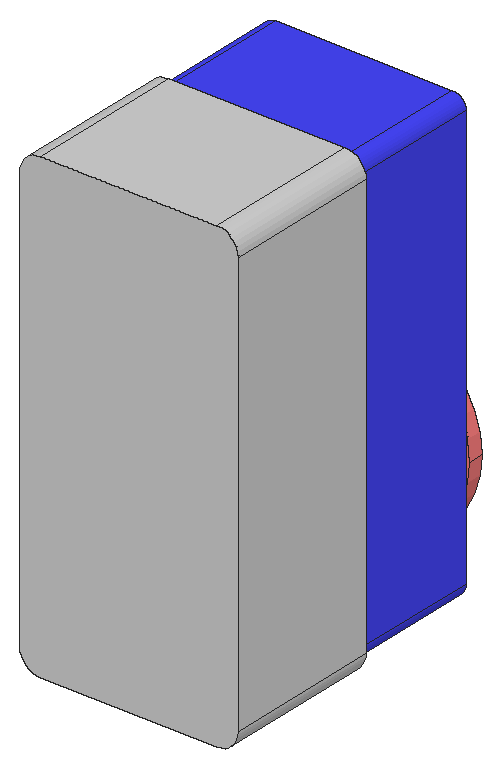
Revit family "Building-IEC309Connections-GEWISS-67IB-INTERLOCKED-SOCKET-OUTLETS_IP67_WITH_BOTTOM_MOD", category Apparecchi elettrici, host Muro, Revit 2016
Family settings
  Host = Muro
  Mantenere orientamento annotazione = Sì
  Tipo di parte = Normale
  Quota connettore circolare = Usa diametro
  Numero OmniClass = 23.80.50.14
  Titolo OmniClass = Plug Connectors
  Sempre verticale = Sì
  Taglio con vuoti quando caricato = No
  Condiviso = No
  Punto di calcolo locali = No
Parameters (values of type "GW66070N - 3P+N+E32A400V V.IN.SOC.O.WB.6H MT60 IP67")
  Working temperature = "-25 ÷ +40 °C"
  With back-mounting box = "Yes"
  Vista di pianta [instance] = yes
  Vetro = GEWISS - vetro
  Version file RFA = "18.0"
  URL = "https://www.gewiss.com/ww/en"
  Typology = "Vertical"
  Tipo Simbolo = PRESAINDSTAGNA : 3P
  Thermo-pressure with ball = "125 °C (IB socket) - 80 °C (bottom)"
  Technical sheet = "https://www.gewiss.com/ww/en/search?q=GW66070N"
  Struttura frontale = GEWISS -BLU
  Struttura = GEWISS - Grigio RAL - 7035
  Simbolo [instance] = yes
  Shock resistance = "IK08"
  SEO = "Socket outlet"
  Reference h = "6"
  Realized by GEWISS S.p.A. = ""
  Rated voltage: = "380 - 415 V"
  Rated voltage = "380 - 415 V"
  Rated frequency (Hz) = "50/60 Hz"
  Rated current (In) = "32"
  Rated current (A) = "32"
  Protection = "MCB"
  Produttore = "GEWISS S.p.A."
  Presa = GW - ROSSO
  Potenza = 400 V
  Operating temperature: = "-25 +40 °C"
  Numero poli = 3
  Number of poles = "3P+N+E"
  No. of poles = "3P+N+E"
  Modello = "GW66070N"
  Immagine tipo = GW66057N.jpg
  IP degree = "IP67"
  IFC.TypeObject = ""
  IFC.ExportType = ""
  IFC.ExportAs = ""
  IDT = "eae14658-a5a4-4161-b788-45d16122de7f"
  IDF = "46090be9-39b2-469a-9d50-dda3f0fea139"
  Glow wire test: = "850 °C (IB socket) - 650 °C (bottom)"
  Glow Wire Test = "850 °C (IB socket) - 650 °C (bottom)"
  Frequency = "50/60 Hz"
  Electrocod = "2222"
  EAN code = "8011564740952"
  Distanza orizzontale del simbolo [instance] = 0 mm
  Distanza dal muro [instance] = 20 mm
  Descrizione = "3P+N+E32A400V V.IN.SOC.O.WB.6H MT60 IP67"
  Cornice simbolo [instance] = yes
  Colour: = "Red"
  Colour = "Red"
  Classificazione carico = Altro
  Circuit breaker = "MT 6 kA C characteristic"
  Catalogue Range = "67 IB"
  Catalogue = "BUILDING"
  Carico apparente = 0 VA
  COBie.Tagnumber = ""
  COBie.CreatedOn = ""
  COBie.CreatebBy = ""
  COBie.ComponentRegisterItemID = ""
  COBie.Component.TagNumber = ""
  COBie.Component.Space = ""
  COBie.Component.SerialNumber = ""
  COBie.Component.InstallationDate = ""
  COBie.Component.Description = ""
  COBie.Component.BarCode = ""
  Altezza da terra = 1111.728 mm
Reference planes
  plane 1 "Muro": y = 0
  plane 2 "Centro (Sinistra/Destra)": x = 125
  plane 3 "Indietro": y = 75
  plane 4: z = 1111.728
  plane 5: x = 125
Lines and regions (mm)
  Masking region 1, visible <- "Vista di pianta"
    outline origin (0, 0, 0) x (1, 0, 0) y (0, 1, 0)
      loop
        line (73.5, 75) -> (176.5, 75) -> (176.5, 150) -> (73.5, 150) -> (73.5, 75)
      loop
        line (87.497, 217.112) -> (87.497, 213.282) -> (162.503, 213.282) -> (162.503, 217.112) -> (87.497, 217.112)
  Masking region 2, visible <- "Vista di pianta"
    outline origin (0, 0, 0) x (1, 0, 0) y (0, 1, 0)
      loop
        line (78.101, 224) -> (78.101, 217.112) -> (171.899, 217.112) -> (171.899, 224) -> (78.101, 224)
      loop
        line (77.116, 213.282) -> (77.116, 150) -> (172.884, 150) -> (172.884, 213.282) -> (77.116, 213.282)
  Masking region 3
    outline origin (125, 0, 0) x (0, 1, 0) y (0, 0, 1)
      loop
        line (75, 1331.728) -> (75, 1111.728) -> (150, 1111.728) -> (150, 1331.728) -> (75, 1331.728)
      loop
        line (224, 1308.059) -> (213.282, 1308.059) -> (213.282, 1246.398) -> (224, 1246.398) -> (224, 1308.059)
      loop
        line (224, 1218.2) -> (213.282, 1218.2) -> (213.282, 1132.086) -> (224, 1132.086) -> (224, 1218.2)
  Masking region 4
    outline origin (125, 0, 0) x (0, 1, 0) y (0, 0, 1)
      loop
        line (213.282, 1328.112) -> (150, 1328.112) -> (150, 1115.344) -> (213.282, 1115.344) -> (213.282, 1328.112)
Text (mm)
  text "Lato posizionamento" at (-1848.837, 1116.779, 0), in view "Livello rif."
  text "Lato posizionamento" at (0, 1409.804, 2854.306), in view "Sinistra"
  text "Lato posizionamento" at (0, 499.811, 2980.732), in view "Destra"
Dimensions and locks
  locked: plane 3 "Indietro" to host wall
  "Altezza da terra": level to plane 4
  "Distanza orizzontale del simbolo": plane 5 to plane 2 "Centro (Sinistra/Destra)"
  aligned and locked: plane 1 "Muro" to host wall
  aligned and locked: plane 4 to nested 1
  aligned and locked: Masking region 1 sketch curve to nested 1  (x7)
  aligned and locked: nested 1 to Masking region 1 sketch curve
  aligned and locked: Masking region 2 sketch curve to nested 1  (x6)
  aligned and locked: nested 2 to plane 5
  aligned and locked: plane 4 to nested 3
  aligned and locked: nested 3 to nested 1
  aligned and locked: Masking region 3 sketch curve to nested 1  (x8)
  aligned and locked: nested 1 to Masking region 3 sketch curve
  aligned and locked: Masking region 4 sketch curve to nested 1  (x4)
  aligned and locked: nested 1 to plane 3 "Indietro"
  aligned and locked: plane 3 "Indietro" to nested 1
Automatic sketch dimensions
  Masking region 2 sketch curve to Masking region 2 sketch curve = 0.986 mm  (x2)
  Masking region 3 sketch curve to Masking region 3 sketch curve = 86.113 mm
  Masking region 3 sketch curve to Masking region 3 sketch curve = 28.198 mm
  Masking region 3 sketch curve to Masking region 3 sketch curve = 23.669 mm
Nested families
  nested 1: "IB PRESE INTERBLOC VERT" at (125, 75, 524.845) x (-1, 0, 0) z (0, 0, 1), type "IB PRESE INTERBLOC VERT"
  nested 2: "PRESAINDSTAGNA" at (125, -287.326, 0), Distanza dal muro <- "Distanza dal muro", BORDO ACCESO <- "Cornice simbolo", SIMBOLO ACCESO <- "Simbolo", type <- "Tipo Simbolo", type "3P"
    with SIMBOLO ACCESO yes, Distanza dal muro 20 mm, BORDO ACCESO yes
  nested 3: "2D - IB PRESE INTERBLOC VERT + MAGNTERM IP67" at (125.637, 0, 1111.728) x (-1, 0, 0) z (0, -1, 0), type "BIDIMENSIONALE"
Connectors
  electrical at (125, 112.5, 1111.728), driven by "Numero poli", driven by "Classificazione carico", driven by "Potenza", driven by "Carico apparente"
    settings: on nested 1, index 1, voltage 400 V, apparent load 0 VA, apparent load phase1 0 VA, apparent load phase2 0 VA, apparent load phase3 0 VA, power factor 1, load classification "Altro", number of poles 3, system type 31, power factor state 1, is connector primary yes, connector utility no, sub classification motor no, connector description ""
Definition of nested family "IB PRESE INTERBLOC VERT"
  Parameters (values of type "IB PRESE INTERBLOC VERT")
    Vetro = none
    Struttura frontale = none
    Struttura = none
    Spessore = 30 mm
    Default Elevation = 14 mm
    Presa = none
    Lunghezza = 103 mm
    IFC.TypeObject = ""
    IFC.ExportType = ""
    IFC.ExportAs = ""
    H_da terra = 586.883 mm
    COBie.CreatedOn = ""
    COBie.CreatebBy = ""
    COBie.ComponentRegisterItemID = ""
    COBie.Component.TagNumber = ""
    COBie.Component.Space = ""
    COBie.Component.SerialNumber = ""
    COBie.Component.InstallationDate = ""
    COBie.Component.Description = ""
    COBie.Component.BarCode = ""
    Altezza = 220 mm
  Reference planes
    plane 1 "Centro (Fronte/Retro)": y = 0
    plane 2: z = 0
    plane 3 "Centro (Sinistra/Destra)": x = 0
    plane 4: y = -75
    plane 5: x = -51.5
    plane 6: x = 51.5
    plane 7: z = 586.883
    plane 8: z = 806.883
    plane 9: x = -47.884
    plane 10: x = 47.884
    plane 11: z = 803.267
    plane 12: z = 590.499
    plane 13: y = -138.282
    plane 14: y = -149
    plane 15: y = -142.112
  Forms (mm)
    Extrusion 1, solid, material <- "Struttura"
      sketch origin (0, 0, 0) x (1, 0, 0) y (0, 0, 1)
        loop
          arc (-51.5, 596.883) -> (-48.571, 589.812) -> (-41.5, 586.883) r 10
          line (-41.5, 586.883) -> (41.5, 586.883)
          arc (41.5, 586.883) -> (48.571, 589.812) -> (51.5, 596.883) r 10
          line (51.5, 596.883) -> (51.5, 796.883)
          arc (51.5, 796.883) -> (48.571, 803.954) -> (41.5, 806.883) r 10
          line (41.5, 806.883) -> (-41.5, 806.883)
          arc (-41.5, 806.883) -> (-48.571, 803.954) -> (-51.5, 796.883) r 10
          line (-51.5, 796.883) -> (-51.5, 596.883)
      from 0 to 75
    Extrusion 2, solid, material <- "Struttura"
      sketch origin (0, 0, 0) x (1, 0, 0) y (0, 0, 1)
        loop
          line (-0.408, 691.748) -> (-29.506, 691.748)
          spline (-29.506, 691.748) -> (-30.55, 691.681) -> (-31.576, 691.48) -> (-32.567, 691.148) -> (-33.505, 690.693) -> (-34.375, 690.12) -> (-35.161, 689.441) -> (-35.851, 688.666) -> (-36.432, 687.809) -> (-36.895, 686.885) -> (-37.231, 685.909) -> (-37.435, 684.898) -> (-37.503, 683.87)
          line (-37.503, 683.87) -> (-37.503, 615.12)
          spline (-37.503, 615.12) -> (-37.435, 614.091) -> (-37.231, 613.081) -> (-36.895, 612.105) -> (-36.432, 611.18) -> (-35.851, 610.324) -> (-35.161, 609.549) -> (-34.375, 608.869) -> (-33.505, 608.297) -> (-32.567, 607.841) -> (-31.576, 607.51) -> (-30.55, 607.309) -> (-29.506, 607.241)
          line (-29.506, 607.241) -> (0, 607.241) -> (29.506, 607.241)
          spline (29.506, 607.241) -> (30.55, 607.309) -> (31.576, 607.51) -> (32.567, 607.841) -> (33.505, 608.297) -> (34.375, 608.869) -> (35.161, 609.549) -> (35.851, 610.324) -> (36.432, 611.18) -> (36.895, 612.105) -> (37.231, 613.081) -> (37.435, 614.091) -> (37.503, 615.12)
          line (37.503, 615.12) -> (37.503, 683.87)
          spline (37.503, 683.87) -> (37.435, 684.898) -> (37.231, 685.909) -> (36.895, 686.885) -> (36.432, 687.809) -> (35.851, 688.666) -> (35.161, 689.441) -> (34.375, 690.12) -> (33.505, 690.693) -> (32.567, 691.148) -> (31.576, 691.48) -> (30.55, 691.681) -> (29.506, 691.748)
          line (29.506, 691.748) -> (-0.408, 691.748)
      from 138.282 to 142.112
    Extrusion 3, solid, material <- "Presa"
      sketch origin (0, 0, 0) x (1, 0, 0) y (0, 0, 1)
        loop
          circle (0, 646.456) r 46.899
      from 142.112 to 149
    Extrusion 4, solid, material <- "Struttura"
      sketch origin (0, 0, 0) x (1, 0, 0) y (0, 0, 1)
        loop
          circle (0, 752.384) r 30.831
        loop
          circle (0, 752.384) r 26.483
      from 138.282 to 149
    Extrusion 5, solid, material <- "Struttura"
      sketch origin (0, 0, 0) x (1, 0, 0) y (0, 0, 1)
        loop
          arc (-9.552, 750.899) -> (-7.429, 739.645) -> (-7.314, 728.193) r 64.983
          arc (-7.314, 728.193) -> (-0.131, 727.067) -> (7.064, 728.115) r 24.316
          arc (7.064, 728.115) -> (7.302, 739.566) -> (9.547, 750.796) r 64.983
          arc (9.547, 750.796) -> (5.519, 762.425) -> (4.215, 774.661) r 54.251
          line (4.215, 774.661) -> (4.25, 777.658)
          arc (4.25, 777.658) -> (3.985, 778.329) -> (3.336, 778.647) r 1
          arc (3.336, 778.647) -> (0.147, 778.794) -> (-3.043, 778.682) r 39.364
          arc (-3.043, 778.682) -> (-3.695, 778.371) -> (-3.967, 777.702) r 1
          line (-3.967, 777.702) -> (-3.964, 774.706)
          arc (-3.964, 774.706) -> (-5.4, 762.483) -> (-9.552, 750.899) r 54.251
      from 138.282 to 149
    Extrusion 6, solid, material <- "Struttura frontale"
      sketch origin (0, 0, 0) x (1, 0, 0) y (0, 0, 1)
        loop
          arc (47.884, 796.962) -> (46.037, 801.42) -> (41.578, 803.267) r 6.306
          line (41.578, 803.267) -> (-41.578, 803.267)
          arc (-41.578, 803.267) -> (-46.037, 801.42) -> (-47.884, 796.962) r 6.306
          line (-47.884, 796.962) -> (-47.884, 597.014)
          arc (-47.884, 597.014) -> (-45.976, 592.407) -> (-41.369, 590.499) r 6.515
          line (-41.369, 590.499) -> (41.369, 590.499)
          arc (41.369, 590.499) -> (45.976, 592.407) -> (47.884, 597.014) r 6.515
          line (47.884, 597.014) -> (47.884, 796.962)
      from 75 to 138.282
  Dimensions and locks
    "H_da terra": plane 7 to level
    "Altezza": plane 8 to plane 7
    equal spacing: plane 5, plane 3 "Centro (Sinistra/Destra)", plane 6
    "Lunghezza": plane 5 to plane 6
    locked: plane 8 to plane 11 at 3.616
    locked: plane 12 to plane 7 at 3.616
    locked: plane 5 to plane 9 at 3.616
    locked: plane 6 to plane 10 at 3.616
    locked: plane 4 to plane 14 at 74
    plane 14 to plane 1 "Centro (Fronte/Retro)" = 149 mm
    locked: plane 15 to plane 14 at 6.888
    locked: plane 13 to plane 14 at 10.718
    plane 4 to plane 1 "Centro (Fronte/Retro)" = 75 mm
    plane 5 to plane 6 = 103 mm
    aligned and locked: level to plane 2
    aligned and locked: Extrusion 1 sketch curve to plane 5
    aligned and locked: Extrusion 1 sketch curve to plane 7
    aligned and locked: Extrusion 1 sketch curve to plane 6
    aligned and locked: Extrusion 1 sketch curve to plane 8
    aligned and locked: Extrusion 1 to plane 4
    aligned and locked: Extrusion 6 sketch curve to plane 10
    aligned and locked: Extrusion 6 sketch curve to plane 9
    aligned and locked: Extrusion 6 sketch curve to plane 12
    aligned and locked: Extrusion 6 sketch curve to plane 11
    aligned and locked: plane 4 to Extrusion 6
    aligned and locked: Extrusion 4 to Extrusion 6
    aligned and locked: Extrusion 4 to Extrusion 5  (x2)
    aligned and locked: Extrusion 4 to Extrusion 3
    aligned and locked: Extrusion 3 to Extrusion 2
    aligned and locked: plane 14 to Extrusion 4
    aligned and locked: plane 13 to Extrusion 6
    aligned and locked: plane 15 to Extrusion 3
    aligned and locked: Extrusion 4 to Extrusion 2
  Automatic sketch dimensions
    Extrusion 1 sketch curve to plane 9 = 6.384 mm  (x2)
    Extrusion 1 sketch curve to plane 10 = 6.384 mm  (x2)
    Extrusion 2 sketch curve to plane 9 = 10.381 mm
    Extrusion 2 sketch curve to Extrusion 2 sketch curve = 7.997 mm  (x3)
    Extrusion 2 sketch curve to plane 10 = 18.378 mm  (x2)
    Extrusion 2 sketch curve to plane 12 = 16.742 mm
    Extrusion 2 sketch curve to Extrusion 2 sketch curve = 7.878 mm  (x3)
    Extrusion 2 sketch curve to Extrusion 2 sketch curve = 68.75 mm
    Extrusion 2 sketch curve to Extrusion 2 sketch curve = 0 mm
    Extrusion 2 sketch curve to Extrusion 2 sketch curve = 21.102 mm
    Extrusion 2 sketch curve to Extrusion 2 sketch curve = 21.51 mm
    Extrusion 3 sketch curve to plane 3 "Centro (Sinistra/Destra)" = 0 mm
    Extrusion 3 sketch curve to plane 12 = 55.957 mm
    Extrusion 4 sketch curve to Extrusion 4 sketch curve = 0 mm  (x2)
    Extrusion 4 sketch curve to plane 3 "Centro (Sinistra/Destra)" = 0 mm
    Extrusion 4 sketch curve to plane 11 = 50.884 mm
    plane 5 to Extrusion 5 sketch curve = 6.715 mm
    Extrusion 5 sketch curve to plane 3 "Centro (Sinistra/Destra)" = 3.967 mm
    Extrusion 5 sketch curve to Extrusion 5 sketch curve = 0.003 mm
    Extrusion 5 sketch curve to Extrusion 5 sketch curve = 1 mm  (x2)
    Extrusion 5 sketch curve to plane 3 "Centro (Sinistra/Destra)" = 0.064 mm
    plane 3 "Centro (Sinistra/Destra)" to Extrusion 5 sketch curve = 3.25 mm
    Extrusion 5 sketch curve to Extrusion 5 sketch curve = 0.965 mm
    plane 6 to Extrusion 5 sketch curve = 6.965 mm
    Extrusion 5 sketch curve to plane 11 = 29.014 mm
    Extrusion 5 sketch curve to plane 11 = 28.606 mm
    Extrusion 5 sketch curve to plane 11 = 28.387 mm
    Extrusion 5 sketch curve to Extrusion 5 sketch curve = 0.044 mm
    Extrusion 5 sketch curve to Extrusion 5 sketch curve = 2.99 mm
    Extrusion 5 sketch curve to Extrusion 5 sketch curve = 0.007 mm
    Extrusion 5 sketch curve to Extrusion 5 sketch curve = 2.979 mm
    Extrusion 5 sketch curve to Extrusion 5 sketch curve = 0.018 mm
    Extrusion 5 sketch curve to plane 3 "Centro (Sinistra/Destra)" = 9.552 mm
    Extrusion 5 sketch curve to Extrusion 5 sketch curve = 0.076 mm
    plane 3 "Centro (Sinistra/Destra)" to Extrusion 5 sketch curve = 9.547 mm
    Extrusion 5 sketch curve to plane 3 "Centro (Sinistra/Destra)" = 0 mm
    plane 5 to Extrusion 5 sketch curve = 20.598 mm
    plane 6 to Extrusion 5 sketch curve = 20.4 mm
    Extrusion 5 sketch curve to Extrusion 5 sketch curve = 0.587 mm
    Extrusion 5 sketch curve to plane 3 "Centro (Sinistra/Destra)" = 7.314 mm
    plane 3 "Centro (Sinistra/Destra)" to Extrusion 5 sketch curve = 7.064 mm
    Extrusion 5 sketch curve to Extrusion 5 sketch curve = 11.238 mm
    Extrusion 5 sketch curve to Extrusion 5 sketch curve = 11.315 mm
    Extrusion 6 sketch curve to plane 9 = 6.306 mm
    Extrusion 6 sketch curve to plane 9 = 6.515 mm
    Extrusion 6 sketch curve to Extrusion 6 sketch curve = 6.515 mm
    Extrusion 6 sketch curve to Extrusion 6 sketch curve = 6.306 mm
    radius of Extrusion 3 sketch curve = 46.899 mm
    radius of Extrusion 4 sketch curve = 30.831 mm
    radius of Extrusion 4 sketch curve = 26.483 mm
Definition of nested family "PRESAINDSTAGNA"
  Parameters (values of type "2P")
    SIMBOLO ACCESO [instance] = yes
    SIMBOLO = PRESAINDSTAGNA_BASE : 2P
    Distanza dal muro [instance] = 0 mm
    BORDO ACCESO [instance] = yes
  Types (2, lengths in mm): name | SIMBOLO
    2P | PRESAINDSTAGNA_BASE : 2P
    3P | PRESAINDSTAGNA_BASE : 3P
  Reference planes
    plane 1: y = 0
    plane 2: x = 0
  Dimensions and locks
    "Distanza dal muro": plane 1 to nested 1
    aligned and locked: plane 2 to nested 1
  Nested families
    nested 1: "PRESAINDSTAGNA_BASE" at (0, 0, 0), type <- "SIMBOLO", CORNICE SIMBOLO <- "BORDO ACCESO", visible <- "SIMBOLO ACCESO", type "2P"
  Definition of nested family "PRESAINDSTAGNA_BASE"
    Parameters (values of type "3P")
      CORNICE SIMBOLO [instance] = yes
      3P = yes
    Types (2, lengths in mm): name | 3P
      3P | yes
      2P | no
    Reference planes
      plane 1: y = 0
      plane 2: x = 0
    Lines and regions (mm)
      detail lines, not visible
        curve 1: line (-2.443, 10.208, 0) -> (2.057, 10.208, 0)
        curve 2: line (2.057, 10.208, 0) -> (2.057, 4.208, 0)
        curve 3: line (2.057, 4.208, 0) -> (-2.443, 4.208, 0)
        curve 4: line (-2.443, 4.208, 0) -> (-2.443, 10.208, 0)
        curve 5: line (-2.043, 9.808, 0) -> (1.657, 9.808, 0)
        curve 6: line (1.657, 9.808, 0) -> (1.657, 4.608, 0)
        curve 7: line (1.657, 4.608, 0) -> (-2.043, 4.608, 0)
        curve 8: line (-2.043, 4.608, 0) -> (-2.043, 9.808, 0)
      detail lines
        curve 9: line (-0.333, 0.928, 0) -> (-0.05, 0.928, 0)
        curve 10: line (-0.05, 0.928, 0) -> (0.417, 1.737, 0)
        curve 11: line (0.417, 1.737, 0) -> (0.764, 1.537, 0)
        curve 12: line (-0.05, 0.928, 0) -> (-0.333, 0.437, 0)
        curve 13: line (-0.333, 0.437, 0) -> (-0.333, 2.059, 0)
        curve 14: line (0.222, 1.399, 0) -> (0.569, 1.199, 0)
        curve 15: line (-0.723, 0.437, 0) -> (0.057, 0.437, 0)
        curve 16: line (-0.333, 0.81, 0) -> (-0.216, 0.928, 0)
        curve 17: line (-0.333, 0.741, 0) -> (-0.147, 0.928, 0)
        curve 18: line (-0.333, 0.672, 0) -> (-0.078, 0.928, 0)
        curve 19: line (-0.333, 0.603, 0) -> (-0.106, 0.831, 0)
        curve 20: line (-0.333, 0.534, 0) -> (-0.2, 0.668, 0)
        curve 22: arc (-0.723, 0.047, 0) -> (-0.333, 0.437, 0) -> (0.057, 0.047, 0) r 0.39
        curve 23: line (-0.8, 2.1, 0) -> (0.8, 2.1, 0)
        curve 24: line (-0.8, 0, 0) -> (-0.8, 2.1, 0)
        curve 25: line (0.8, 0, 0) -> (-0.8, 0, 0)
        curve 26: line (0.8, 2.1, 0) -> (0.8, 0, 0)
      detail lines, visible <- "3P"
        curve 21: line (0.028, 1.061, 0) -> (0.374, 0.861, 0)
Definition of nested family "2D - IB PRESE INTERBLOC VERT + MAGNTERM IP67"
  Reference planes
    plane 1 "Centro (Fronte/Retro)": y = 0
    plane 2: z = 0
    plane 3 "Centro (Sinistra/Destra)": x = 0
  Lines and regions (mm)
    model lines, in view "Livello rif."
      curve 1: line (-11.112, 59.573, 0) -> (12.429, 59.573, 0)
      curve 2: arc (17.137, 109.807, 0) -> (16.844, 110.514, 0) -> (16.137, 110.807, 0) r 1
      curve 3: arc (-14.863, 110.807, 0) -> (-15.57, 110.514, 0) -> (-15.863, 109.807, 0) r 1
      curve 4: spline (30.137, 21.126, 0) -> (31.181, 21.194, 0) -> (32.207, 21.395, 0) -> (33.198, 21.728, 0) -> (34.136, 22.185, 0) -> (35.006, 22.759, 0) -> (35.792, 23.441, 0) -> (36.482, 24.218, 0) -> (37.064, 25.078, 0) -> (37.527, 26.005, 0) -> (37.864, 26.984, 0) -> (38.068, 27.998, 0) -> (38.137, 29.03, 0)
      curve 5: spline (-36.863, 29.025, 0) -> (-36.793, 27.994, 0) -> (-36.588, 26.98, 0) -> (-36.251, 26.002, 0) -> (-35.788, 25.075, 0) -> (-35.206, 24.216, 0) -> (-34.516, 23.439, 0) -> (-33.73, 22.758, 0) -> (-32.86, 22.184, 0) -> (-31.922, 21.727, 0) -> (-30.932, 21.395, 0) -> (-29.906, 21.194, 0) -> (-28.863, 21.126, 0)
      curve 6: spline (-33.922, 79.268, 0) -> (-33.902, 79.119, 0) -> (-33.841, 78.943, 0) -> (-33.742, 78.742, 0) -> (-33.606, 78.521, 0) -> (-33.435, 78.282, 0) -> (-33.232, 78.031, 0) -> (-33, 77.771, 0) -> (-32.744, 77.506, 0) -> (-32.467, 77.242, 0) -> (-32.175, 76.983, 0) -> (-31.873, 76.733, 0) -> (-31.565, 76.496, 0)
      curve 7: spline (-25.695, 86.8, 0) -> (-25.68, 86.647, 0) -> (-25.634, 86.458, 0) -> (-25.559, 86.236, 0) -> (-25.455, 85.985, 0) -> (-25.324, 85.709, 0) -> (-25.169, 85.413, 0) -> (-24.993, 85.103, 0) -> (-24.798, 84.782, 0) -> (-24.587, 84.458, 0) -> (-24.365, 84.135, 0) -> (-24.134, 83.819, 0) -> (-23.9, 83.516, 0)
      curve 8: spline (-42.909, 59.601, 0) -> (-42.883, 59.464, 0) -> (-42.807, 59.322, 0) -> (-42.683, 59.178, 0) -> (-42.511, 59.034, 0) -> (-42.295, 58.893, 0) -> (-42.039, 58.757, 0) -> (-41.747, 58.629, 0) -> (-41.424, 58.511, 0) -> (-41.076, 58.404, 0) -> (-40.708, 58.311, 0) -> (-40.327, 58.233, 0) -> (-39.94, 58.171, 0)
      curve 9: spline (-39.793, 69.99, 0) -> (-39.769, 69.847, 0) -> (-39.699, 69.687, 0) -> (-39.583, 69.513, 0) -> (-39.423, 69.328, 0) -> (-39.223, 69.136, 0) -> (-38.985, 68.939, 0) -> (-38.714, 68.741, 0) -> (-38.414, 68.545, 0) -> (-38.091, 68.355, 0) -> (-37.75, 68.175, 0) -> (-37.396, 68.006, 0) -> (-37.036, 67.852, 0)
      curve 10: spline (-40.209, 38.237, 0) -> (-40.15, 38.136, 0) -> (-40.051, 38.054, 0) -> (-39.914, 37.992, 0) -> (-39.74, 37.951, 0) -> (-39.533, 37.93, 0) -> (-39.295, 37.931, 0) -> (-39.03, 37.954, 0) -> (-38.741, 37.998, 0) -> (-38.433, 38.062, 0) -> (-38.111, 38.146, 0) -> (-37.779, 38.248, 0) -> (-37.441, 38.367, 0)
      curve 11: spline (-43.054, 48.765, 0) -> (-43.014, 48.64, 0) -> (-42.926, 48.522, 0) -> (-42.792, 48.415, 0) -> (-42.614, 48.32, 0) -> (-42.395, 48.238, 0) -> (-42.139, 48.17, 0) -> (-41.849, 48.118, 0) -> (-41.53, 48.083, 0) -> (-41.188, 48.065, 0) -> (-40.828, 48.064, 0) -> (-40.456, 48.081, 0) -> (-40.078, 48.114, 0)
      curve 12: spline (-33.941, 28.988, 0) -> (-33.892, 28.939, 0) -> (-33.82, 28.908, 0) -> (-33.727, 28.897, 0) -> (-33.614, 28.904, 0) -> (-33.482, 28.931, 0) -> (-33.334, 28.976, 0) -> (-33.17, 29.04, 0) -> (-32.994, 29.12, 0) -> (-32.807, 29.217, 0) -> (-32.613, 29.329, 0) -> (-32.413, 29.455, 0) -> (-32.21, 29.592, 0)
      curve 13: spline (-16.371, 15.964, 0) -> (-16.339, 15.958, 0) -> (-16.299, 15.975, 0) -> (-16.25, 16.015, 0) -> (-16.193, 16.077, 0) -> (-16.128, 16.161, 0) -> (-16.057, 16.266, 0) -> (-15.98, 16.39, 0) -> (-15.898, 16.532, 0) -> (-15.813, 16.691, 0) -> (-15.724, 16.865, 0) -> (-15.633, 17.051, 0) -> (-15.541, 17.248, 0)
      curve 14: spline (15.837, 16.867, 0) -> (15.919, 16.677, 0) -> (16.001, 16.495, 0) -> (16.081, 16.326, 0) -> (16.159, 16.17, 0) -> (16.233, 16.029, 0) -> (16.304, 15.904, 0) -> (16.369, 15.797, 0) -> (16.429, 15.708, 0) -> (16.483, 15.64, 0) -> (16.53, 15.591, 0) -> (16.57, 15.564, 0) -> (16.602, 15.558, 0)
      curve 15: spline (35.138, 27.901, 0) -> (35.147, 27.913, 0) -> (35.156, 27.925, 0) -> (35.163, 27.938, 0) -> (35.17, 27.952, 0) -> (35.176, 27.966, 0) -> (35.181, 27.981, 0) -> (35.186, 27.997, 0) -> (35.189, 28.013, 0) -> (35.192, 28.03, 0) -> (35.194, 28.047, 0) -> (35.195, 28.065, 0) -> (35.196, 28.084, 0)
      curve 16: spline (32.84, 28.803, 0) -> (33.104, 28.613, 0) -> (33.365, 28.439, 0) -> (33.619, 28.283, 0) -> (33.864, 28.146, 0) -> (34.096, 28.03, 0) -> (34.311, 27.938, 0) -> (34.508, 27.869, 0) -> (34.685, 27.824, 0) -> (34.837, 27.805, 0) -> (34.965, 27.812, 0) -> (35.066, 27.844, 0) -> (35.138, 27.901, 0)
      curve 17: spline (25.174, 21.783, 0) -> (25.363, 21.552, 0) -> (25.549, 21.335, 0) -> (25.731, 21.133, 0) -> (25.907, 20.951, 0) -> (26.075, 20.789, 0) -> (26.233, 20.649, 0) -> (26.379, 20.533, 0) -> (26.512, 20.442, 0) -> (26.63, 20.377, 0) -> (26.733, 20.339, 0) -> (26.818, 20.329, 0) -> (26.884, 20.346, 0)
      curve 18: spline (32.84, 28.803, 0) -> (33.03, 28.667, 0) -> (33.217, 28.541, 0) -> (33.4, 28.428, 0) -> (33.576, 28.329, 0) -> (33.744, 28.244, 0) -> (33.9, 28.176, 0) -> (34.044, 28.124, 0) -> (34.173, 28.089, 0) -> (34.285, 28.072, 0) -> (34.381, 28.074, 0) -> (34.457, 28.093, 0) -> (34.514, 28.13, 0)
      curve 19: spline (38.31, 37.447, 0) -> (38.633, 37.324, 0) -> (38.951, 37.217, 0) -> (39.261, 37.127, 0) -> (39.557, 37.055, 0) -> (39.837, 37.003, 0) -> (40.095, 36.971, 0) -> (40.329, 36.96, 0) -> (40.535, 36.97, 0) -> (40.71, 37, 0) -> (40.852, 37.051, 0) -> (40.96, 37.121, 0) -> (41.031, 37.21, 0)
      curve 20: spline (41.214, 47.128, 0) -> (41.589, 47.085, 0) -> (41.957, 47.059, 0) -> (42.314, 47.051, 0) -> (42.653, 47.061, 0) -> (42.97, 47.087, 0) -> (43.258, 47.131, 0) -> (43.513, 47.192, 0) -> (43.732, 47.268, 0) -> (43.91, 47.357, 0) -> (44.046, 47.46, 0) -> (44.136, 47.574, 0) -> (44.179, 47.697, 0)
      curve 21: spline (38.716, 66.932, 0) -> (39.079, 67.078, 0) -> (39.437, 67.238, 0) -> (39.782, 67.41, 0) -> (40.109, 67.592, 0) -> (40.412, 67.781, 0) -> (40.686, 67.972, 0) -> (40.926, 68.163, 0) -> (41.129, 68.35, 0) -> (41.29, 68.531, 0) -> (41.407, 68.702, 0) -> (41.478, 68.861, 0) -> (41.502, 69.003, 0)
      curve 22: spline (41.352, 57.185, 0) -> (41.741, 57.237, 0) -> (42.123, 57.305, 0) -> (42.492, 57.39, 0) -> (42.842, 57.488, 0) -> (43.166, 57.599, 0) -> (43.459, 57.72, 0) -> (43.716, 57.849, 0) -> (43.932, 57.985, 0) -> (44.104, 58.125, 0) -> (44.23, 58.266, 0) -> (44.306, 58.406, 0) -> (44.331, 58.542, 0)
      curve 23: spline (26.014, 82.91, 0) -> (26.257, 83.208, 0) -> (26.495, 83.518, 0) -> (26.725, 83.835, 0) -> (26.943, 84.154, 0) -> (27.145, 84.47, 0) -> (27.327, 84.776, 0) -> (27.488, 85.068, 0) -> (27.622, 85.34, 0) -> (27.73, 85.589, 0) -> (27.808, 85.809, 0) -> (27.855, 85.997, 0) -> (27.871, 86.15, 0)
      curve 24: spline (6.513, 90.779, 0) -> (6.569, 91.152, 0) -> (6.625, 91.536, 0) -> (6.678, 91.925, 0) -> (6.728, 92.312, 0) -> (6.775, 92.69, 0) -> (6.817, 93.052, 0) -> (6.854, 93.394, 0) -> (6.886, 93.708, 0) -> (6.91, 93.99, 0) -> (6.929, 94.235, 0) -> (6.94, 94.437, 0) -> (6.943, 94.595, 0)
      curve 25: spline (-15.675, 92.076, 0) -> (-15.665, 91.919, 0) -> (-15.637, 91.721, 0) -> (-15.59, 91.484, 0) -> (-15.526, 91.212, 0) -> (-15.445, 90.91, 0) -> (-15.349, 90.583, 0) -> (-15.239, 90.237, 0) -> (-15.118, 89.878, 0) -> (-14.988, 89.512, 0) -> (-14.85, 89.144, 0) -> (-14.708, 88.782, 0) -> (-14.562, 88.432, 0)
      curve 26: spline (-26.538, 21.015, 0) -> (-26.476, 20.981, 0) -> (-26.393, 20.977, 0) -> (-26.291, 21.002, 0) -> (-26.169, 21.056, 0) -> (-26.031, 21.138, 0) -> (-25.877, 21.248, 0) -> (-25.709, 21.384, 0) -> (-25.53, 21.545, 0) -> (-25.341, 21.728, 0) -> (-25.145, 21.931, 0) -> (-24.944, 22.153, 0) -> (-24.74, 22.389, 0)
      curve 27: spline (-5.646, 12.574, 0) -> (-5.629, 12.583, 0) -> (-5.609, 12.623, 0) -> (-5.584, 12.694, 0) -> (-5.556, 12.797, 0) -> (-5.524, 12.928, 0) -> (-5.489, 13.088, 0) -> (-5.452, 13.274, 0) -> (-5.412, 13.484, 0) -> (-5.37, 13.716, 0) -> (-5.327, 13.968, 0) -> (-5.283, 14.237, 0) -> (-5.239, 14.52, 0)
      curve 28: spline (15.837, 16.867, 0) -> (15.952, 16.602, 0) -> (16.066, 16.35, 0) -> (16.177, 16.115, 0) -> (16.285, 15.899, 0) -> (16.388, 15.704, 0) -> (16.485, 15.533, 0) -> (16.575, 15.388, 0) -> (16.657, 15.269, 0) -> (16.731, 15.179, 0) -> (16.794, 15.117, 0) -> (16.848, 15.086, 0) -> (16.89, 15.084, 0)
      curve 29: spline (16.89, 15.084, 0) -> (16.899, 15.089, 0) -> (16.908, 15.096, 0) -> (16.916, 15.105, 0) -> (16.923, 15.116, 0) -> (16.929, 15.128, 0) -> (16.934, 15.143, 0) -> (16.939, 15.16, 0) -> (16.942, 15.179, 0) -> (16.945, 15.2, 0) -> (16.947, 15.223, 0) -> (16.948, 15.248, 0) -> (16.949, 15.275, 0)
      curve 30: spline (27.871, 89.228, 0) -> (27.111, 89.779, 0) -> (26.338, 90.314, 0) -> (25.553, 90.833, 0) -> (24.756, 91.335, 0) -> (23.947, 91.821, 0) -> (23.127, 92.291, 0) -> (22.297, 92.743, 0) -> (21.456, 93.179, 0) -> (20.606, 93.597, 0) -> (19.746, 93.998, 0) -> (18.877, 94.38, 0) -> (17.999, 94.745, 0)
      curve 31: spline (41.502, 72.082, 0) -> (41.136, 72.916, 0) -> (40.752, 73.742, 0) -> (40.348, 74.56, 0) -> (39.925, 75.37, 0) -> (39.483, 76.171, 0) -> (39.023, 76.963, 0) -> (38.545, 77.745, 0) -> (38.049, 78.517, 0) -> (37.534, 79.279, 0) -> (37.003, 80.03, 0) -> (36.454, 80.77, 0) -> (35.888, 81.498, 0)
      curve 32: spline (44.183, 50.828, 0) -> (44.255, 51.319, 0) -> (44.322, 51.81, 0) -> (44.381, 52.303, 0) -> (44.435, 52.796, 0) -> (44.482, 53.289, 0) -> (44.523, 53.783, 0) -> (44.558, 54.278, 0) -> (44.587, 54.772, 0) -> (44.609, 55.267, 0) -> (44.624, 55.763, 0) -> (44.634, 56.258, 0) -> (44.637, 56.754, 0)
      curve 33: spline (44.637, 58.464, 0) -> (44.615, 59.772, 0) -> (44.549, 61.079, 0) -> (44.439, 62.384, 0) -> (44.285, 63.684, 0) -> (44.087, 64.979, 0) -> (43.846, 66.268, 0) -> (43.562, 67.549, 0) -> (43.234, 68.821, 0) -> (42.864, 70.082, 0) -> (42.452, 71.332, 0) -> (41.998, 72.569, 0) -> (41.502, 73.792, 0)
      curve 34: spline (41.502, 73.792, 0) -> (39.023, 78.673, 0) -> (35.888, 83.208, 0) -> (32.149, 87.32, 0) -> (27.871, 90.938, 0) -> (23.127, 94.001, 0) -> (17.999, 96.455, 0) -> (12.573, 98.26, 0) -> (6.943, 99.383, 0) -> (1.205, 99.807, 0) -> (-4.542, 99.523, 0) -> (-10.201, 98.536, 0) -> (-15.675, 96.864, 0)
      curve 35: spline (6.943, 97.673, 0) -> (5.992, 97.793, 0) -> (5.038, 97.893, 0) -> (4.082, 97.973, 0) -> (3.124, 98.034, 0) -> (2.165, 98.075, 0) -> (1.205, 98.097, 0) -> (0.245, 98.099, 0) -> (-0.714, 98.081, 0) -> (-1.673, 98.043, 0) -> (-2.631, 97.986, 0) -> (-3.588, 97.909, 0) -> (-4.542, 97.813, 0)
      curve 36: spline (-15.675, 96.864, 0) -> (-19.643, 95.156, 0) -> (-23.413, 93.087, 0) -> (-26.945, 90.678, 0) -> (-30.207, 87.951, 0) -> (-33.164, 84.934, 0) -> (-35.789, 81.656, 0) -> (-38.055, 78.15, 0) -> (-39.941, 74.451, 0) -> (-41.427, 70.594, 0) -> (-42.499, 66.617, 0) -> (-43.146, 62.561, 0) -> (-43.363, 58.464, 0)
      curve 37: spline (-43.363, 56.754, 0) -> (-43.361, 56.347, 0) -> (-43.354, 55.941, 0) -> (-43.344, 55.534, 0) -> (-43.329, 55.128, 0) -> (-43.31, 54.722, 0) -> (-43.286, 54.316, 0) -> (-43.259, 53.91, 0) -> (-43.227, 53.505, 0) -> (-43.191, 53.1, 0) -> (-43.15, 52.695, 0) -> (-43.106, 52.291, 0) -> (-43.057, 51.887, 0)
      curve 38: spline (-33.922, 82.345, 0) -> (-34.507, 81.631, 0) -> (-35.077, 80.904, 0) -> (-35.629, 80.167, 0) -> (-36.164, 79.418, 0) -> (-36.681, 78.658, 0) -> (-37.181, 77.888, 0) -> (-37.662, 77.107, 0) -> (-38.126, 76.317, 0) -> (-38.571, 75.518, 0) -> (-38.997, 74.71, 0) -> (-39.404, 73.893, 0) -> (-39.793, 73.068, 0)
      curve 39: spline (-15.675, 95.154, 0) -> (-16.562, 94.811, 0) -> (-17.442, 94.449, 0) -> (-18.312, 94.069, 0) -> (-19.174, 93.672, 0) -> (-20.026, 93.257, 0) -> (-20.869, 92.825, 0) -> (-21.701, 92.375, 0) -> (-22.523, 91.909, 0) -> (-23.333, 91.426, 0) -> (-24.133, 90.926, 0) -> (-24.92, 90.41, 0) -> (-25.695, 89.878, 0)
      curve 40: spline (5.463, 14.39, 0) -> (5.499, 14.114, 0) -> (5.534, 13.851, 0) -> (5.568, 13.604, 0) -> (5.602, 13.375, 0) -> (5.634, 13.167, 0) -> (5.664, 12.982, 0) -> (5.692, 12.821, 0) -> (5.718, 12.687, 0) -> (5.741, 12.58, 0) -> (5.762, 12.502, 0) -> (5.779, 12.453, 0) -> (5.793, 12.435, 0)
      curve 41: spline (-16.725, 15.684, 0) -> (-16.724, 15.657, 0) -> (-16.723, 15.632, 0) -> (-16.721, 15.61, 0) -> (-16.718, 15.589, 0) -> (-16.714, 15.57, 0) -> (-16.709, 15.553, 0) -> (-16.704, 15.538, 0) -> (-16.697, 15.525, 0) -> (-16.69, 15.513, 0) -> (-16.682, 15.504, 0) -> (-16.673, 15.497, 0) -> (-16.663, 15.492, 0)
      curve 42: spline (-16.663, 15.492, 0) -> (-16.618, 15.491, 0) -> (-16.562, 15.521, 0) -> (-16.494, 15.58, 0) -> (-16.416, 15.668, 0) -> (-16.328, 15.785, 0) -> (-16.232, 15.928, 0) -> (-16.129, 16.097, 0) -> (-16.019, 16.289, 0) -> (-15.904, 16.503, 0) -> (-15.785, 16.735, 0) -> (-15.664, 16.985, 0) -> (-15.541, 17.248, 0)
      curve 43: spline (-34.613, 28.933, 0) -> (-34.613, 28.915, 0) -> (-34.612, 28.897, 0) -> (-34.61, 28.88, 0) -> (-34.607, 28.863, 0) -> (-34.604, 28.847, 0) -> (-34.6, 28.832, 0) -> (-34.595, 28.817, 0) -> (-34.589, 28.802, 0) -> (-34.582, 28.789, 0) -> (-34.575, 28.776, 0) -> (-34.567, 28.763, 0) -> (-34.558, 28.751, 0)
      curve 44: spline (-34.558, 28.751, 0) -> (-34.486, 28.691, 0) -> (-34.384, 28.655, 0) -> (-34.255, 28.644, 0) -> (-34.099, 28.658, 0) -> (-33.919, 28.697, 0) -> (-33.718, 28.761, 0) -> (-33.497, 28.848, 0) -> (-33.26, 28.958, 0) -> (-33.009, 29.089, 0) -> (-32.749, 29.24, 0) -> (-32.481, 29.408, 0) -> (-32.21, 29.592, 0)
      curve 45: spline (-4.542, 94.737, 0) -> (-4.539, 94.58, 0) -> (-4.53, 94.377, 0) -> (-4.516, 94.133, 0) -> (-4.495, 93.851, 0) -> (-4.47, 93.535, 0) -> (-4.439, 93.193, 0) -> (-4.404, 92.828, 0) -> (-4.366, 92.449, 0) -> (-4.324, 92.06, 0) -> (-4.281, 91.67, 0) -> (-4.235, 91.284, 0) -> (-4.189, 90.909, 0)
      curve 46: spline (16.815, 88.051, 0) -> (16.969, 88.397, 0) -> (17.121, 88.755, 0) -> (17.267, 89.118, 0) -> (17.406, 89.48, 0) -> (17.534, 89.836, 0) -> (17.651, 90.179, 0) -> (17.753, 90.503, 0) -> (17.839, 90.802, 0) -> (17.908, 91.073, 0) -> (17.958, 91.309, 0) -> (17.988, 91.507, 0) -> (17.999, 91.664, 0)
      curve 47: spline (33.484, 75.707, 0) -> (33.798, 75.935, 0) -> (34.106, 76.178, 0) -> (34.403, 76.43, 0) -> (34.685, 76.687, 0) -> (34.946, 76.944, 0) -> (35.182, 77.199, 0) -> (35.39, 77.445, 0) -> (35.564, 77.679, 0) -> (35.704, 77.897, 0) -> (35.805, 78.095, 0) -> (35.867, 78.27, 0) -> (35.888, 78.418, 0)
      curve 48: arc (-43.055, 48.765, 0) -> (-41.996, 43.402, 0) -> (-40.209, 38.237, 0) r 39.658
      curve 49: arc (-39.326, 37.93, 0) -> (-36.925, 33.284, 0) -> (-33.941, 28.988, 0) r 40.176
      curve 50: arc (-25.879, 21.247, 0) -> (-21.289, 18.31, 0) -> (-16.371, 15.964, 0) r 43.85
      curve 51: arc (-5.49, 13.086, 0) -> (0.086, 12.678, 0) -> (5.669, 12.952, 0) r 45.81
      curve 52: arc (16.602, 15.558, 0) -> (21.594, 17.787, 0) -> (26.271, 20.617, 0) r 44.017
      curve 53: arc (26.884, 20.346, 0) -> (31.259, 23.853, 0) -> (35.139, 27.9, 0) r 42.954
      curve 54: arc (34.514, 28.13, 0) -> (37.628, 32.363, 0) -> (40.165, 36.966, 0) r 40.335
      curve 55: arc (41.031, 37.21, 0) -> (42.968, 42.344, 0) -> (44.179, 47.697, 0) r 39.75
      curve 56: arc (5.793, 12.435, 0) -> (11.424, 13.415, 0) -> (16.89, 15.084, 0) r 46.15
      curve 57: arc (-16.664, 15.492, 0) -> (-11.245, 13.691, 0) -> (-5.646, 12.574, 0) r 46.052
      curve 58: arc (-34.559, 28.751, 0) -> (-30.801, 24.62, 0) -> (-26.538, 21.015, 0) r 42.763
      curve 59: line (17.137, 109.807, 0) -> (17.137, 103.366, 0)
      curve 60: line (17.137, 103.366, 0) -> (17.137, 96.793, 0)
      curve 61: line (-12.363, 110.807, 0) -> (-14.863, 110.807, 0)
      curve 62: line (-15.863, 109.807, 0) -> (-15.863, 103.366, 0)
      curve 63: line (-15.863, 103.366, 0) -> (-15.863, 96.793, 0)
      curve 64: line (38.137, 96.987, 0) -> (38.137, 80.092, 0)
      curve 65: line (38.137, 33.181, 0) -> (38.137, 29.035, 0)
      curve 66: line (-36.863, 29.025, 0) -> (-36.863, 33.181, 0)
      curve 67: line (-36.863, 80.092, 0) -> (-36.863, 96.987, 0)
      curve 68: line (-28.863, 21.126, 0) -> (-26.688, 21.126, 0)
      curve 69: line (-26.05, 21.126, 0) -> (-25.713, 21.126, 0)
      curve 70: line (27.964, 21.126, 0) -> (30.137, 21.126, 0)
      curve 71: line (16.137, 110.807, 0) -> (13.637, 110.807, 0)
      curve 72: line (-12.113, 110.857, 0) -> (13.387, 110.857, 0)
      curve 73: line (41.502, 69.003, 0) -> (41.502, 72.082, 0)
      curve 74: line (27.871, 86.15, 0) -> (27.871, 89.228, 0)
      curve 75: line (6.943, 94.595, 0) -> (6.943, 97.673, 0)
      curve 76: line (-15.675, 92.076, 0) -> (-15.675, 95.154, 0)
      curve 77: line (-25.695, 86.8, 0) -> (-25.695, 89.878, 0)
      curve 78: line (-33.922, 82.345, 0) -> (-33.922, 79.268, 0)
      curve 79: line (-39.793, 69.99, 0) -> (-39.793, 73.068, 0)
      curve 80: line (16.949, 15.689, 0) -> (16.949, 15.275, 0)
      curve 81: line (17.999, 94.745, 0) -> (17.999, 91.664, 0)
      curve 82: line (35.888, 81.498, 0) -> (35.888, 78.418, 0)
      curve 83: line (44.183, 50.828, 0) -> (44.183, 47.75, 0)
      curve 84: line (35.196, 28.962, 0) -> (35.196, 28.084, 0)
      curve 85: line (-4.542, 97.813, 0) -> (-4.542, 94.737, 0)
      curve 86: line (-43.057, 48.809, 0) -> (-43.057, 51.887, 0)
      curve 87: line (-16.725, 16.108, 0) -> (-16.725, 15.684, 0)
      curve 88: line (-34.613, 29.857, 0) -> (-34.613, 28.933, 0)
      curve 89: line (44.637, 56.754, 0) -> (44.637, 58.464, 0)
      curve 90: line (-43.363, 58.464, 0) -> (-43.363, 56.754, 0)
      curve 91: line (-11.112, 59.573, 0) -> (-11.341, 59.493, 0)
      curve 92: line (-11.341, 59.493, 0) -> (-11.561, 59.345, 0)
      curve 93: line (-11.561, 59.345, 0) -> (-11.708, 59.171, 0)
      curve 94: line (-11.708, 59.171, 0) -> (-11.812, 58.938, 0)
      curve 95: line (-11.812, 58.938, 0) -> (-11.842, 58.715, 0)
      curve 96: line (-11.842, 58.715, 0) -> (-11.842, 42.942, 0)
      curve 97: line (12.429, 59.573, 0) -> (12.657, 59.494, 0)
      curve 98: line (12.657, 59.494, 0) -> (12.876, 59.345, 0)
      curve 99: line (12.876, 59.345, 0) -> (13.024, 59.172, 0)
      curve 100: line (13.024, 59.172, 0) -> (13.128, 58.939, 0)
      curve 101: line (13.128, 58.939, 0) -> (13.158, 58.716, 0)
      curve 102: line (13.158, 58.716, 0) -> (13.158, 42.936, 0)
      curve 103: arc (38.137, 29.358, 0) -> (38.144, 29.541, 0) -> (38.146, 29.724, 0) r 7.758
      curve 104: spline (38.137, 96.987, 0) -> (38.069, 98.016, 0) -> (37.864, 99.028, 0) -> (37.527, 100.005, 0) -> (37.063, 100.93, 0) -> (36.48, 101.788, 0) -> (35.788, 102.563, 0) -> (35, 103.243, 0) -> (34.128, 103.815, 0) -> (33.187, 104.27, 0) -> (32.195, 104.6, 0) -> (31.167, 104.8, 0) -> (30.121, 104.865, 0)
      curve 105: spline (-28.879, 104.865, 0) -> (-29.922, 104.796, 0) -> (-30.946, 104.593, 0) -> (-31.936, 104.261, 0) -> (-32.872, 103.804, 0) -> (-33.74, 103.231, 0) -> (-34.525, 102.552, 0) -> (-35.214, 101.777, 0) -> (-35.794, 100.921, 0) -> (-36.255, 99.998, 0) -> (-36.591, 99.023, 0) -> (-36.795, 98.014, 0) -> (-36.863, 96.987, 0)
      curve 106: spline (-28.417, 51.452, 0) -> (-27.427, 44.386, 0) -> (-24.525, 37.801, 0) -> (-19.907, 32.147, 0) -> (-13.89, 27.808, 0) -> (-6.883, 25.08, 0) -> (0.637, 24.15, 0) -> (8.157, 25.08, 0) -> (15.164, 27.808, 0) -> (21.182, 32.147, 0) -> (25.799, 37.801, 0) -> (28.702, 44.386, 0) -> (29.692, 51.452, 0) -> (28.702, 58.519, 0) -> (25.799, 65.104, 0) -> (21.182, 70.758, 0) -> (15.164, 75.097, 0) -> (8.157, 77.824, 0) -> (0.637, 78.755, 0) -> (-6.883, 77.824, 0) -> (-13.89, 75.097, 0) -> (-19.907, 70.758, 0) -> (-24.525, 65.104, 0) -> (-27.427, 58.519, 0) -> (-28.417, 51.452, 0)
      curve 107: spline (38.716, 66.932, 0) -> (38.375, 67.71, 0) -> (38.016, 68.48, 0) -> (37.64, 69.242, 0) -> (37.246, 69.997, 0) -> (36.835, 70.743, 0) -> (36.406, 71.481, 0) -> (35.96, 72.209, 0) -> (35.498, 72.929, 0) -> (35.019, 73.639, 0) -> (34.523, 74.338, 0) -> (34.012, 75.028, 0) -> (33.484, 75.707, 0)
      curve 108: spline (33.484, 75.707, 0) -> (32.383, 77.031, 0) -> (31.221, 78.309, 0) -> (30.001, 79.538, 0) -> (28.724, 80.716, 0) -> (27.395, 81.841, 0) -> (26.014, 82.91, 0) -> (24.586, 83.921, 0) -> (23.111, 84.873, 0) -> (21.594, 85.764, 0) -> (20.037, 86.591, 0) -> (18.443, 87.354, 0) -> (16.815, 88.051, 0)
      curve 109: spline (16.815, 88.051, 0) -> (15.156, 88.68, 0) -> (13.47, 89.241, 0) -> (11.759, 89.732, 0) -> (10.027, 90.153, 0) -> (8.278, 90.502, 0) -> (6.513, 90.779, 0) -> (4.738, 90.984, 0) -> (2.954, 91.115, 0) -> (1.167, 91.174, 0) -> (-0.622, 91.159, 0) -> (-2.408, 91.07, 0) -> (-4.189, 90.909, 0)
      curve 110: spline (-4.189, 90.909, 0) -> (-11.186, 89.54, 0) -> (-17.823, 87.051, 0) -> (-23.9, 83.516, 0) -> (-29.231, 79.043, 0) -> (-33.655, 73.768, 0) -> (-37.036, 67.852, 0) -> (-39.273, 61.473, 0) -> (-40.297, 54.827, 0) -> (-40.078, 48.114, 0) -> (-38.621, 41.54, 0) -> (-35.972, 35.302, 0) -> (-32.21, 29.592, 0)
      curve 111: spline (-32.21, 29.592, 0) -> (-31.108, 28.268, 0) -> (-29.946, 26.99, 0) -> (-28.726, 25.761, 0) -> (-27.45, 24.583, 0) -> (-26.121, 23.458, 0) -> (-24.74, 22.389, 0) -> (-23.311, 21.378, 0) -> (-21.837, 20.426, 0) -> (-20.32, 19.535, 0) -> (-18.763, 18.708, 0) -> (-17.169, 17.945, 0) -> (-15.541, 17.248, 0)
      curve 112: spline (-15.541, 17.248, 0) -> (-13.882, 16.619, 0) -> (-12.196, 16.058, 0) -> (-10.485, 15.567, 0) -> (-8.753, 15.146, 0) -> (-7.003, 14.797, 0) -> (-5.239, 14.52, 0) -> (-3.463, 14.315, 0) -> (-1.68, 14.184, 0) -> (0.108, 14.125, 0) -> (1.896, 14.14, 0) -> (3.683, 14.228, 0) -> (5.463, 14.39, 0)
      curve 113: spline (5.463, 14.39, 0) -> (11.601, 15.525, 0) -> (17.483, 17.524, 0) -> (22.973, 20.341, 0) -> (27.944, 23.91, 0) -> (32.278, 28.148, 0) -> (35.876, 32.956, 0) -> (38.654, 38.223, 0) -> (40.547, 43.826, 0) -> (41.511, 49.633, 0) -> (41.524, 55.511, 0) -> (40.585, 61.323, 0) -> (38.716, 66.932, 0)
      curve 114: arc (6.121, 41.874, 0) -> (9.14, 41.924, 0) -> (12.157, 41.999, 0) r 364.326
      curve 115: line (38.146, 33.195, 0) -> (38.146, 29.724, 0)
      curve 116: line (-15.863, 104.865, 0) -> (-28.879, 104.865, 0)
      curve 117: line (30.121, 104.865, 0) -> (17.137, 104.865, 0)
      curve 118: line (12.157, 41.999, 0) -> (12.42, 42.042, 0)
      curve 119: line (12.686, 42.157, 0) -> (12.886, 42.313, 0)
      curve 120: line (12.886, 42.313, 0) -> (13.042, 42.515, 0)
      curve 121: line (13.042, 42.515, 0) -> (13.13, 42.729, 0)
      curve 122: line (13.13, 42.729, 0) -> (13.158, 42.936, 0)
      curve 123: line (-11.842, 42.942, 0) -> (-11.816, 42.733, 0)
      curve 124: line (-11.816, 42.733, 0) -> (-11.732, 42.525, 0)
      curve 125: line (-11.732, 42.525, 0) -> (-11.577, 42.32, 0)
      curve 126: line (-11.577, 42.32, 0) -> (-11.378, 42.162, 0)
      curve 127: line (-11.108, 42.043, 0) -> (-10.842, 41.999, 0)
      curve 128: line (-10.842, 41.999, 0) -> (-5.596, 41.884, 0)
      curve 129: line (-5.596, 41.884, 0) -> (-1.667, 41.845, 0)
      curve 130: line (-1.667, 41.845, 0) -> (6.121, 41.874, 0)
      curve 131: arc (42.137, 0, 0) -> (49.208, 2.929, 0) -> (52.137, 10, 0) r 10
      curve 132: arc (52.137, 210, 0) -> (49.208, 217.071, 0) -> (42.137, 220, 0) r 10
      curve 133: arc (-50.863, 10, 0) -> (-47.934, 2.929, 0) -> (-40.863, 0, 0) r 10
      curve 134: arc (-40.863, 220, 0) -> (-47.934, 217.071, 0) -> (-50.863, 210, 0) r 10
      curve 135: arc (1.637, 200.6, 0) -> (0.637, 201.6, 0) -> (-0.363, 200.6, 0) r 1
      curve 136: arc (-0.363, 199.4, 0) -> (0.637, 198.4, 0) -> (1.637, 199.4, 0) r 1
      curve 137: arc (2.437, 200.6, 0) -> (0.637, 202.4, 0) -> (-1.163, 200.6, 0) r 1.8
      curve 138: arc (-1.163, 199.4, 0) -> (0.637, 197.6, 0) -> (2.437, 199.4, 0) r 1.8
      curve 139: arc (4.634, 194.914, 0) -> (4.797, 194.778, 0) -> (4.963, 194.647, 0) r 6.199
      curve 140: arc (16.048, 190.77, 0) -> (16.259, 190.768, 0) -> (16.471, 190.773, 0) r 6.199
      curve 141: line (52.137, 10, 0) -> (52.137, 210, 0)
      curve 142: line (-50.863, 10, 0) -> (-50.863, 210, 0)
      curve 143: line (42.137, 220, 0) -> (-40.863, 220, 0)
      curve 144: line (22.974, 198.672, 0) -> (23.003, 198.882, 0)
      curve 145: line (23.003, 198.882, 0) -> (22.981, 199.108, 0)
      curve 146: line (23.056, 189.295, 0) -> (23.056, 194.095, 0)
      curve 147: line (23.056, 194.095, 0) -> (23.856, 194.095, 0)
      curve 148: line (23.856, 194.095, 0) -> (23.856, 189.295, 0)
      curve 149: line (23.856, 189.295, 0) -> (23.056, 189.295, 0)
      curve 150: line (1.637, 200.6, 0) -> (1.637, 199.4, 0)
      curve 151: line (-0.363, 199.4, 0) -> (-0.363, 200.6, 0)
      curve 152: line (2.437, 200.6, 0) -> (2.437, 199.4, 0)
      curve 153: line (-1.163, 199.4, 0) -> (-1.163, 200.6, 0)
      curve 154: line (4.717, 205.482, 0) -> (4.575, 205.336, 0)
      curve 155: line (4.575, 205.336, 0) -> (4.46, 205.138, 0)
      curve 156: line (42.137, 0, 0) -> (-40.863, 0, 0)
      curve 157: arc (41.013, 170.534, 0) -> (35.005, 186.534, 0) -> (22.974, 198.672, 0) r 40.825
      curve 158: arc (30.976, 169.034, 0) -> (36.745, 164.765, 0) -> (41.013, 170.534, 0) r 5.075
      curve 159: arc (-2.687, 198.5, 0) -> (-1.714, 196.149, 0) -> (0.637, 195.176, 0) r 3.325
      curve 160: arc (-0.886, 204.955, 0) -> (-2.202, 203.73, 0) -> (-2.687, 202, 0) r 3.325
      curve 161: arc (0.611, 205.313, 0) -> (-0.158, 205.219, 0) -> (-0.886, 204.955, 0) r 3.44
      curve 162: arc (4.634, 194.914, 0) -> (2.64, 195.11, 0) -> (0.637, 195.175, 0) r 30.675
      curve 163: arc (16.048, 190.77, 0) -> (10.694, 193.248, 0) -> (4.963, 194.647, 0) r 30.456
      curve 164: arc (30.976, 169.031, 0) -> (26.155, 181.524, 0) -> (16.471, 190.773, 0) r 30.675
      curve 165: arc (22.971, 199.139, 0) -> (16.003, 202.743, 0) -> (8.477, 204.962, 0) r 41.215
      curve 166: arc (8.477, 204.962, 0) -> (6.64, 205.29, 0) -> (4.79, 205.531, 0) r 39.426
      curve 167: arc (4.46, 205.138, 0) -> (2.538, 205.27, 0) -> (0.611, 205.313, 0) r 42.064
      curve 168: arc (26.638, 149.5, 0) -> (0.314, 194.516, 0) -> (-25.035, 148.944, 0) r 30.018
      curve 169: spline (-25.036, 148.944, 0) -> (-24.333, 147.842, 0) -> (-23.581, 146.772, 0) -> (-22.781, 145.735, 0) -> (-21.934, 144.734, 0) -> (-21.042, 143.771, 0) -> (-20.106, 142.848, 0) -> (-19.129, 141.967, 0) -> (-18.113, 141.129, 0) -> (-17.06, 140.336, 0) -> (-15.971, 139.59, 0) -> (-14.849, 138.891, 0) -> (-13.696, 138.243, 0)
      curve 170: line (-2.687, 198.5, 0) -> (-2.687, 202, 0)
      curve 171: line (26.638, 149.5, 0) -> (25.885, 148.264, 0)
      curve 172: line (25.885, 148.264, 0) -> (25.07, 147.067, 0)
      curve 173: line (25.07, 147.067, 0) -> (24.198, 145.913, 0)
      curve 174: line (24.198, 145.913, 0) -> (23.268, 144.803, 0)
      curve 175: line (23.268, 144.803, 0) -> (22.285, 143.74, 0)
      curve 176: line (22.285, 143.74, 0) -> (21.251, 142.727, 0)
      curve 177: line (21.251, 142.727, 0) -> (20.169, 141.766, 0)
      curve 178: line (20.169, 141.766, 0) -> (19.041, 140.86, 0)
      curve 179: line (19.041, 140.86, 0) -> (17.87, 140.009, 0)
      curve 180: line (17.87, 140.009, 0) -> (16.659, 139.216, 0)
      curve 181: line (16.659, 139.216, 0) -> (15.411, 138.483, 0)
      curve 182: line (15.411, 138.483, 0) -> (14.136, 137.814, 0)
      curve 183: line (14.136, 137.814, 0) -> (12.83, 137.206, 0)
      curve 184: line (12.83, 137.206, 0) -> (11.498, 136.662, 0)
      curve 185: line (11.498, 136.662, 0) -> (10.14, 136.181, 0)
      curve 186: line (10.14, 136.181, 0) -> (8.762, 135.766, 0)
      curve 187: line (8.762, 135.766, 0) -> (7.365, 135.416, 0)
      curve 188: line (7.365, 135.416, 0) -> (5.953, 135.132, 0)
      curve 189: line (5.953, 135.132, 0) -> (4.53, 134.915, 0)
      curve 190: line (4.53, 134.915, 0) -> (3.097, 134.766, 0)
      curve 191: line (3.097, 134.766, 0) -> (1.66, 134.684, 0)
      curve 192: line (1.66, 134.684, 0) -> (0.216, 134.67, 0)
      curve 193: line (0.216, 134.67, 0) -> (-1.228, 134.724, 0)
      curve 194: line (-1.228, 134.724, 0) -> (-2.667, 134.846, 0)
      curve 195: line (-2.667, 134.846, 0) -> (-4.099, 135.036, 0)
      curve 196: line (-4.099, 135.036, 0) -> (-5.52, 135.293, 0)
      curve 197: line (-5.52, 135.293, 0) -> (-6.928, 135.617, 0)
      curve 198: line (-6.928, 135.617, 0) -> (-8.318, 136.008, 0)
      curve 199: line (-8.318, 136.008, 0) -> (-9.689, 136.464, 0)
      curve 200: line (-9.689, 136.464, 0) -> (-11.036, 136.985, 0)
      curve 201: line (-11.036, 136.985, 0) -> (-12.357, 137.57, 0)
      curve 202: line (-12.357, 137.57, 0) -> (-13.696, 138.243, 0)
      curve 203: arc (-5.769, 141.043, 0) -> (0.504, 140.184, 0) -> (6.786, 140.974, 0) r 24.316
      curve 204: spline (-6.501, 142.008, 0) -> (-6.495, 141.9, 0) -> (-6.478, 141.793, 0) -> (-6.449, 141.688, 0) -> (-6.409, 141.587, 0) -> (-6.358, 141.491, 0) -> (-6.298, 141.402, 0) -> (-6.228, 141.319, 0) -> (-6.149, 141.244, 0) -> (-6.063, 141.179, 0) -> (-5.97, 141.123, 0) -> (-5.871, 141.077, 0) -> (-5.769, 141.043, 0)
      curve 205: arc (6.786, 140.974, 0) -> (7.323, 141.328, 0) -> (7.533, 141.936, 0) r 1
      curve 206: arc (4.852, 187.778, 0) -> (6.115, 175.725, 0) -> (10.023, 164.252, 0) r 54.251
      curve 207: arc (-8.75, 164.353, 0) -> (-4.675, 175.978, 0) -> (-3.327, 188.223, 0) r 54.251
      curve 208: arc (10.078, 163.55, 0) -> (10.114, 163.906, 0) -> (10.022, 164.252, 0) r 1
      curve 209: arc (-8.518, 162.538, 0) -> (-8.664, 163.098, 0) -> (-8.815, 163.655, 0) r 64.101
      curve 210: arc (-6.479, 146.038, 0) -> (-6.969, 154.354, 0) -> (-8.518, 162.538, 0) r 64.983
      curve 211: arc (9.718, 162.244, 0) -> (8.12, 154.172, 0) -> (7.555, 145.963, 0) r 64.983
      curve 212: arc (10.079, 163.552, 0) -> (9.895, 162.899, 0) -> (9.718, 162.244, 0) r 64.101
      curve 213: arc (-8.75, 164.353, 0) -> (-8.846, 164.008, 0) -> (-8.814, 163.651, 0) r 1
      curve 214: circle (28.703, 186.755, 0) r 3.97 normal (0, 0, 1)
      curve 215: circle (33.509, 178.755, 0) r 3.97 normal (0, 0, 1)
      curve 216: line (4.852, 187.778, 0) -> (4.887, 190.775, 0)
      curve 217: line (-3.327, 188.223, 0) -> (-3.327, 190.807, 0)
      curve 218: line (-6.479, 146.038, 0) -> (-6.501, 142.008, 0)
      curve 219: line (7.555, 145.963, 0) -> (7.533, 141.936, 0)
      curve 220: arc (-0.145, 160.162, 0) -> (-0.72, 159.608, 0) -> (-0.935, 158.838, 0) r 1.52
      curve 221: arc (2.105, 158.821, 0) -> (1.518, 160.03, 0) -> (0.202, 160.3, 0) r 1.52
      curve 222: arc (-0.998, 146.945, 0) -> (0.515, 145.422, 0) -> (2.041, 146.934, 0) r 1.52
      curve 223: arc (-2.406, 191.798, 0) -> (-3.057, 191.488, 0) -> (-3.33, 190.821, 0) r 1
      curve 224: arc (3.974, 191.764, 0) -> (0.785, 191.911, 0) -> (-2.406, 191.798, 0) r 39.364
      curve 225: arc (4.887, 190.775, 0) -> (4.622, 191.446, 0) -> (3.974, 191.764, 0) r 1
      curve 226: line (-0.953, 155.438, 0) -> (0.958, 155.427, 0)
      curve 227: line (0.958, 155.427, 0) -> (0.966, 156.857, 0)
      curve 228: line (0.966, 156.857, 0) -> (1.312, 156.855, 0)
      curve 229: line (1.312, 156.855, 0) -> (1.304, 155.425, 0)
      curve 230: line (1.304, 155.425, 0) -> (2.086, 155.421, 0)
      curve 231: line (2.086, 155.421, 0) -> (2.099, 157.708, 0)
      curve 232: line (2.099, 157.708, 0) -> (0.188, 157.719, 0)
      curve 233: line (0.188, 157.719, 0) -> (0.18, 156.289, 0)
      curve 234: line (0.18, 156.289, 0) -> (-0.166, 156.291, 0)
      curve 235: line (-0.166, 156.291, 0) -> (-0.158, 157.72, 0)
      curve 236: line (-0.158, 157.72, 0) -> (-0.941, 157.725, 0)
      curve 237: line (-0.941, 157.725, 0) -> (-0.953, 155.438, 0)
      curve 238: line (0.202, 160.3, 0) -> (0.194, 158.922, 0)
      curve 239: line (0.194, 158.922, 0) -> (-0.152, 158.924, 0)
      curve 240: line (-0.152, 158.924, 0) -> (-0.145, 160.162, 0)
      curve 241: line (-0.935, 158.838, 0) -> (-0.939, 158.071, 0)
      curve 242: line (-0.939, 158.071, 0) -> (0.972, 158.06, 0)
      curve 243: line (0.972, 158.06, 0) -> (0.979, 159.264, 0)
      curve 244: line (0.979, 159.264, 0) -> (1.325, 159.262, 0)
      curve 245: line (1.325, 159.262, 0) -> (1.318, 158.059, 0)
      curve 246: line (1.318, 158.059, 0) -> (2.101, 158.054, 0)
      curve 247: line (2.101, 158.054, 0) -> (2.105, 158.822, 0)
      curve 248: line (-0.202, 149.641, 0) -> (-0.984, 149.645, 0)
      curve 249: line (-0.984, 149.645, 0) -> (-0.976, 151.156, 0)
      curve 250: line (-0.976, 151.156, 0) -> (0.747, 151.548, 0)
      curve 251: line (0.747, 151.548, 0) -> (-0.972, 151.902, 0)
      curve 252: line (-0.972, 151.902, 0) -> (-0.968, 152.707, 0)
      curve 253: line (-0.968, 152.707, 0) -> (0.651, 153.076, 0)
      curve 254: line (0.651, 153.076, 0) -> (-0.964, 153.408, 0)
